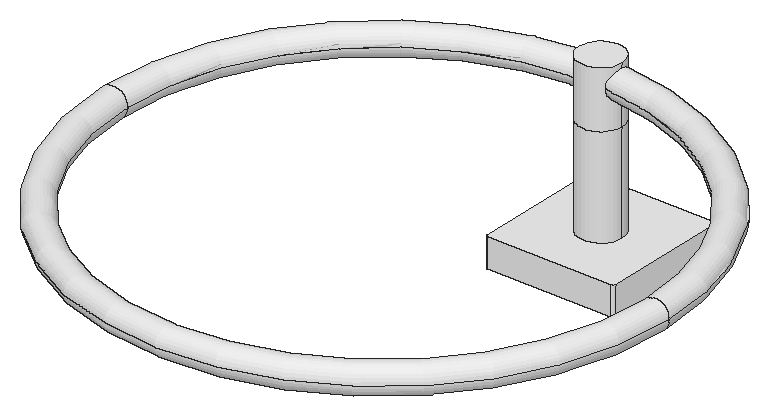
Revit family "Incepa_Acessorios_Neoclassic_Toalheiro Anel_B8004I2CR0", category Plumbing Fixtures, host Face, Revit 2014
Parameters (values of type "Porta toalha")
  Waste Connection = no
  WFU = 0
  Vent Connection = no
  URL = "http://www.incepa.com.br"
  Type Comments = ""
  Selo de Qualidade ofcdesk = "Standard"
  Model = "B8004I2CR0"
  Metais [instance] = Celite - Cromado
  Manufacturer = "Incepa"
  Keynote = ""
  Incepa: Versão = "Autodesk Revit MEP 2014"
  Incepa: Tipo = "Porta toalhas"
  Incepa: Produto = "Metais"
  Incepa: Norma [instance] = "ABNT NBR 10282: 2003"
  Incepa: Linha = "Neoclassic"
  Incepa: Informações Técnicas = "N/A"
  Incepa: Informações Gerais = "N/A"
  Incepa: Fabricante = "Incepa"
  Incepa: Descrição = "Porta toalha Neoclassic (B8004I2CR0), Acessórios - Metais Incepa"
  Incepa: Código = "B8004I2CR0"
  Incepa: Cores Disponíveis = "Cromado"
  Incepa: Copyright © = "© 2014 Incepa"
  Incepa: Categoria = "Acessórios"
  Incepa: Altura da Peça [instance] = 0 mm
  HWFU = 0
  HW Connection = no
  Desenvolvido por = "ofcdesk"
  Description = "Porta toalha Neoclassic (B8004I2CR0), Acessórios - Metais Incepa"
  Default Elevation = 1400 mm
  Cost = 0
  CWFU = 0
  CW Connection = no
  Assembly Code = "D2010"
Reference planes
  plane 1 "Center (Front/Back)": y = 0
  plane 2: z = 0
  plane 3 "Center (Left/Right)": x = 0
Forms (mm)
  Extrusion 1, solid, material "Celite - Cromado" <- "Metais"
    sketch origin (0, 0, 0) x (1, 0, 0) y (0, 1, 0)
      loop
        circle (0, 0) r 7.5
    from 0 to 45
  Extrusion 2, solid, material "Celite - Cromado" <- "Metais"
    sketch origin (0, 0, 0) x (1, 0, 0) y (0, 1, 0)
      loop
        circle (0, 0) r 7.5
    from 45 to 65
  Sweep 3, solid, material "Celite - Cromado" <- "Metais"
    path origin (0, 0, 0) x (1, 0, 0) y (0, 1, 0)
      loop
        circle (0, -95) r 100
    profile origin (0, 5, 0) x (0, -1, 0) y (0, 0, 1)
      loop
        circle (5, 58.5) r 5
  Extrusion 4, solid, material "Celite - Cromado" <- "Metais"
    sketch origin (0, 0, 0) x (1, 0, 0) y (0, 1, 0)
      loop
        arc (-21.5, 22.5) -> (-22.207, 22.207) -> (-22.5, 21.5) r 1
        line (-22.5, 21.5) -> (-22.5, -21.5)
        arc (-22.5, -21.5) -> (-22.207, -22.207) -> (-21.5, -22.5) r 1
        line (-21.5, -22.5) -> (21.5, -22.5)
        arc (21.5, -22.5) -> (22.207, -22.207) -> (22.5, -21.5) r 1
        line (22.5, -21.5) -> (22.5, 21.5)
        arc (22.5, 21.5) -> (22.207, 22.207) -> (21.5, 22.5) r 1
        line (21.5, 22.5) -> (-21.5, 22.5)
    from 0 to 10
Cuts and joins
  joined: Extrusion 1, Extrusion 2, Sweep 3, Extrusion 4
Dimensions and locks
  aligned and locked: plane 2 to host face
  aligned and locked: level to host face
